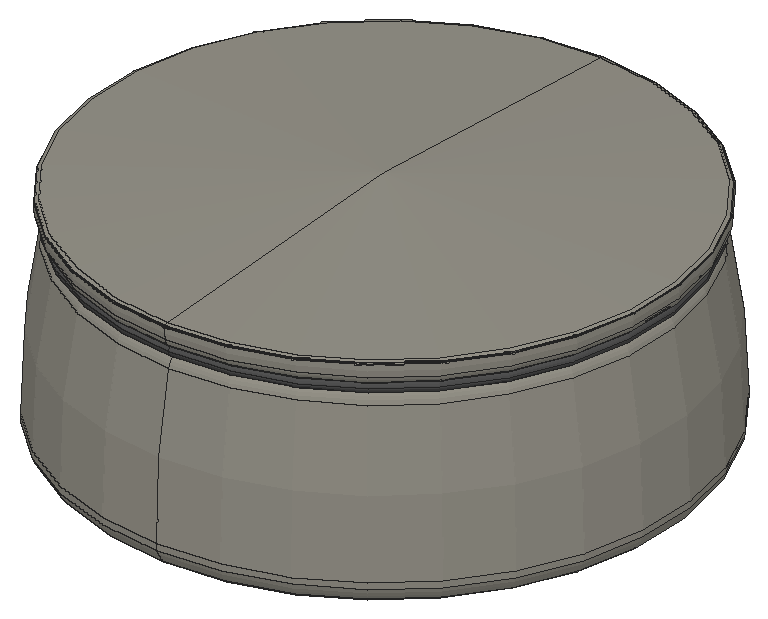
Revit family "NAU_Naughtone_Stng_Lasso_3SeatStoolWIP4", category Furniture, Revit 2016
Family settings
  OmniClass Number = 23.40.20.00
  OmniClass Title = General Furniture and Specialties
  Work Plane-Based = No
  Always vertical = Yes
  Cut with Voids When Loaded = No
  Shared = Yes
  Room Calculation Point = No
Parameters (values of type "Lasso 3 Seat Stool LAS3S 1210 x 1210 x 500 mm")
  WarrantyStartDate [instance] = "1900-12-31T23:59:59"
  WarrantyGuarantorParts = "sales@naughtone.com"
  WarrantyGuarantorLabor = "sales@naughtone.com"
  WarrantyDurationUnit = "year"
  WarrantyDurationParts = "7"
  WarrantyDurationLabor = "7"
  WarrantyDescription = "n/a"
  Version = "1"
  Uniclass2015Version = "Products v1.14"
  Uniclass2015Title = "Chairs, seats and benches"
  Uniclass2015Code = "Pr_40_50_12"
  Uniclass2 = "n/a"
  URL = "www.naughtone.com"
  TagNumber [instance] = "n/a"
  TableMaterial [instance] = NAU_Generic_Wood_Oak
  SustainabilityPerformance = "FSC certifeied, SCS indoor advantage gold"
  Style = "n/a"
  Size = "1210 x 1210 x 500 mm"
  Shape = "n/a"
  SerialNumber [instance] = "Circular"  # constant formula
  SeatingHeight [instance] = 485 mm  # constant formula
  SeatMaterial [instance] = NAU_AndrewMuirhead_Leather_Ingleston-Stone
  Revision = "n/a"
  ReplacementCost = "n/a"
  ProductInformation = "www.naughtone.com/products/lasso"
  NominalWidth = 1210 mm
  NominalLength = 1210 mm
  NominalHeight = 500 mm
  Name = "Seating_Lasso_3SeatStool_Naughtone"
  NBSTypeID = "n/a"
  NBSReference = "45-35-72/352"
  NBSOfficeMasterTag = "n/a"
  NBSDescription = "Seating"
  ModelReference = "Lasso 3 seat stool - Lasso is a collaborative seating and table system that can be easily moved to create clusters around the three seat stool."
  ModelNumber = "LAS3S"
  Model = ModelNumber  # "LAS3S"
  Material = "Fabric, plywood frame, foam, wooden table top"
  ManufacturerURL = "www.naughtone.com"
  ManufacturerName = "Naughtone"
  Manufacturer = "sales@naughtone.com"
  MainColor = Color  # "n/a"
  LowestSeatingHeight [instance] = 485 mm  # constant formula
  Keynote = Uniclass2015Code  # "Pr_40_50_12"
  IsTable = no
  InstallationDate [instance] = "1900-12-31T23:59:59"
  IfcExportType = "CHAIR"
  IfcExportAs = "IfcFurnishingElementType"
  HighestSeatingHeight [instance] = 485 mm  # constant formula
  Grade = "n/a"
  FrameMaterial = NAU_Generic_Metal_Black
  Finish = "Fabric upholstery, white/black/RAL EPC steel ring"
  Features = "n/a"
  ExpectedLife = "7"
  DurationUnit = "year"
  Description = ModelReference  # "Lasso 3 seat stool - Lasso is a collaborative seating and table system that can be easily moved to create clusters around the three seat stool."
  Constituents = "n/a"
  Color = "n/a"
  CodePerformance = "n/a"
  Category = "Pr_40_50_12 : Chairs, seats and benches"
  BarCode [instance] = "n/a"
  BIMObjectName = "NAU_Naughtone_Seating_Lasso_3SeatStool"
  Author = "BIMBox"  # constant formula
  AssetType = "Movable"
  AssetIdentifier [instance] = "n/a"
  Assembly Code = "E2020200"
  AccessibilityPerformance = "n/a"
Types (2, lengths in mm): name | Size | NominalWidth | NominalLength | NominalHeight | Name | ModelReference | ModelNumber | Model | Material | IsTable | Finish | Description | BIMObjectName
  Lasso 3 Seat Stool LAS3S 1210 x 1210 x 500 mm | "1210 x 1210 x 500 mm" | 1210 | 1210 | 500 | "Seating_Lasso_3SeatStool_Naughtone" | "Lasso 3 seat stool - Lasso is a collaborative seating and table system that can be easily moved to create clusters around the three seat stool." | "LAS3S" | "LAS3S" | "Fabric, plywood frame, foam, wooden table top" | no | "Fabric upholstery, white/black/RAL EPC steel ring" | "Lasso 3 seat stool - Lasso is a collaborative seating and table system that can be easily moved to create clusters around the three seat stool." | "NAU_Naughtone_Seating_Lasso_3SeatStool"
  Lasso 3 Seat Stool and Tables LAS3STAB 1425 x 1465 x 705 mm | "1425 x 1465 x 705 mm" | 1465 | 1425 | 705 | "Seating_Lasso_3SeatStoolandTables_Naughtone" | "Lasso 3 seat stool and tables - Lasso is a collaborative seating and table system that can be easily moved to create clusters around the three seat stool." | "LAS3STAB" | "LAS3STAB" | "Fabric, plywood frame, foam, steel ring, wooden table top" | yes | "Fabric upholstery, wooden table top with oak/walnut veneer, white/black MFMDF top with reverse chamfer, white/black/RAL EPC steel ring" | "Lasso 3 seat stool and tables - Lasso is a collaborative seating and table system that can be easily moved to create clusters around the three seat stool." | "NAU_Naughtone_Seating_Lasso_3SeatStoolandTables"
Reference planes
  plane 1 "Center (Front/Back)": y = 0
  plane 2: z = 0
  plane 3 "Center (Left/Right)": x = 0
Forms (mm)
  Revolve 1, solid, material "NAU_AndrewMuirhead_Leather_Ingleston-Stone" <- "SeatMaterial"
    sketch origin (0, 0, 0) x (0, 1, 0) y (0, 0, 1)
      loop
        arc (575.96, 454.44) -> (575.883, 455.006) -> (575.526, 455.452) r 1.073
        arc (575.526, 455.452) -> (572.382, 457.23) -> (568.918, 458.257) r 16.007
        arc (568.918, 458.257) -> (284.947, 483.245) -> (0, 491.584) r 4872.671
        line (0, 491.584) -> (0, 0) -> (512.953, 0) -> (512.953, 2) -> (492.154, 2)
        arc (492.154, 2) -> (508.01, 2.457) -> (523.862, 3.058) r 1745.645
        arc (523.862, 3.058) -> (542.184, 3.747) -> (560.498, 4.613) r 1903.554
        arc (560.498, 4.613) -> (570.99, 7.464) -> (580.052, 13.471) r 34.112
        arc (580.052, 13.471) -> (590.667, 26.182) -> (597.67, 41.189) r 64.071
        arc (597.67, 41.189) -> (598.473, 47.817) -> (598.6, 54.492) r 65.781
        arc (598.6, 54.492) -> (591.735, 213.603) -> (566.569, 370.861) r 1378.803
        arc (566.569, 370.861) -> (562.779, 380.712) -> (556.233, 388.991) r 35.115
        arc (556.233, 388.991) -> (552.442, 399.794) -> (559.164, 409.062) r 12.339
        arc (559.164, 409.062) -> (563.316, 411.661) -> (567.138, 414.725) r 42.008
        arc (567.138, 414.725) -> (571.913, 420.735) -> (574.479, 427.97) r 23.333
        arc (574.479, 427.97) -> (576.606, 440.057) -> (576.749, 452.33) r 75.593
        arc (576.749, 452.33) -> (576.361, 453.267) -> (575.424, 453.655) r 1.325
        arc (575.424, 453.655) -> (575.813, 453.965) -> (575.96, 454.44) r 0.843
      axis (0, 0) -> (0, 491.584)
    angle from 0 to 360
  Revolve 2, solid, material "NAU_Generic_Wood_Oak" <- "TableMaterial", visible <- "IsTable"
    sketch origin (2.167, -5.074, 0) x (0.869683, 0.493611, 0) y (0, 0, 1)
      loop
        line (-822.581, 698.699) -> (-822.581, 694.174) -> (-810.585, 682.178) -> (-697.181, 682.178) -> (-697.181, 679.328) -> (-658.266, 679.328) -> (-658.266, 682.328) -> (-648.039, 682.328) -> (-648.039, 700.179) -> (-821.101, 700.179) -> (-822.581, 698.699)
      axis (-648.039, 679.328) -> (-648.039, 700.179)
    angle from 0 to 360
  Sweep 3, solid, material "NAU_Generic_Metal_Black" <- "FrameMaterial", visible <- "IsTable"
    path in 3D
      loop
        line (-493.233, -286.251, 401.346) -> (-506.918, -294.019, 401.346)
        arc (-506.918, -294.019, 401.346) -> (-545.077, -315.676, 419.52) -> (-560.882, -324.647, 463.396) r 62.05
        line (-560.882, -324.647, 463.396) -> (-560.882, -324.647, 682.328)
    profile origin (-560.882, -324.647, 572.862) x (0.869683, 0.493611, 0) y (-0.493611, 0.869683, 0)
      loop
        circle (0, 0) r 11
  Revolve 4, solid, material "NAU_Generic_Wood_Oak" <- "TableMaterial", visible <- "IsTable"
    sketch origin (-5.467, 0.685, 0) x (-0.865505, 0.5009, 0) y (0, 0, -1)
      loop
        line (-822.581, -698.699) -> (-821.101, -700.179) -> (-648.039, -700.179) -> (-648.039, -682.328) -> (-658.266, -682.328) -> (-658.266, -679.328) -> (-697.181, -679.328) -> (-697.181, -682.178) -> (-810.585, -682.178) -> (-822.581, -694.174) -> (-822.581, -698.699)
      axis (-648.039, -679.328) -> (-648.039, -700.179)
    angle from 0 to 360
  Sweep 5, solid, material "NAU_Generic_Metal_Black" <- "FrameMaterial", visible <- "IsTable"
    path in 3D
      loop
        line (483.863, -282.509, 401.346) -> (501.173, -292.527, 401.346)
        arc (501.173, -292.527, 401.346) -> (539.148, -314.504, 419.52) -> (554.878, -323.608, 463.396) r 62.05
        line (554.878, -323.608, 463.396) -> (554.878, -323.608, 682.328)
    profile origin (554.878, -323.608, 572.862) x (0.869683, 0.493611, 0) y (-0.493611, 0.869683, 0)
      loop
        circle (0, 0) r 11
  Revolve 6, solid, material "NAU_Generic_Wood_Oak" <- "TableMaterial", visible <- "IsTable"
    sketch origin (-8.766, -6.586, 0) x (-0.008401, -0.999965, 0) y (0, 0, -1)
      loop
        line (-822.581, -698.699) -> (-821.101, -700.179) -> (-648.039, -700.179) -> (-648.039, -682.328) -> (-658.266, -682.328) -> (-658.266, -679.328) -> (-697.181, -679.328) -> (-697.181, -682.178) -> (-810.585, -682.178) -> (-822.581, -694.174) -> (-822.581, -698.699)
      axis (-648.039, -679.328) -> (-648.039, -700.179)
    angle from 0 to 360
  Sweep 7, solid, material "NAU_Generic_Metal_Black" <- "FrameMaterial", visible <- "IsTable"
    path in 3D
      loop
        line (-4.048, 555.036, 401.346) -> (-3.849, 578.762, 401.346)
        arc (-3.849, 578.762, 401.346) -> (-3.48, 622.637, 419.52) -> (-3.327, 640.81, 463.396) r 62.05
        line (-3.327, 640.81, 463.396) -> (-3.327, 640.81, 682.328)
    profile origin (-3.327, 640.81, 572.862) x (0.869683, 0.493611, 0) y (-0.493611, 0.869683, 0)
      loop
        circle (0, 0) r 11
  Sweep 8, solid, material "NAU_Generic_Metal_Black" <- "FrameMaterial"
    path in 3D
      loop
        arc (0, -554.983, 401.596) -> (-554.983, 0, 401.596) -> (0, 554.983, 401.596) r 554.983
        arc (0, 554.983, 401.596) -> (554.983, 0, 401.596) -> (0, -554.983, 401.596) r 554.983
    profile origin (554.983, 0, 401.596) x (1, 0, 0) y (0, 0, 1)
      loop
        circle (0, 0) r 11
Lines and regions (mm)
  sketch lines
    curve 1: line (-560.882, -324.647, 463.396) -> (-560.882, -324.647, 682.328)
    curve 2: arc (-560.882, -324.647, 463.396) -> (-545.077, -315.676, 419.52) -> (-506.918, -294.019, 401.346) r 62.05
    curve 3: line (-493.233, -286.251, 401.346) -> (-506.918, -294.019, 401.346)
    curve 4: line (554.878, -323.608, 463.396) -> (554.878, -323.608, 682.328)
    curve 5: arc (554.878, -323.608, 463.396) -> (539.148, -314.504, 419.52) -> (501.173, -292.527, 401.346) r 62.05
    curve 6: line (483.863, -282.509, 401.346) -> (501.173, -292.527, 401.346)
    curve 7: line (-3.327, 640.81, 463.396) -> (-3.327, 640.81, 682.328)
    curve 8: arc (-3.327, 640.81, 463.396) -> (-3.48, 622.637, 419.52) -> (-3.849, 578.762, 401.346) r 62.05
    curve 9: line (-4.048, 555.036, 401.346) -> (-3.849, 578.762, 401.346)
    curve 12: arc (0, 554.983, 401.596) -> (554.983, 0, 401.596) -> (0, -554.983, 401.596) r 554.983
    curve 13: arc (0, -554.983, 401.596) -> (-554.983, 0, 401.596) -> (0, 554.983, 401.596) r 554.983
  model lines
    curve 10: arc (0, 554.983, 401.596) -> (554.983, 0, 401.596) -> (0, -554.983, 401.596) r 554.983
    curve 11: arc (0, -554.983, 401.596) -> (-554.983, 0, 401.596) -> (0, 554.983, 401.596) r 554.983
Dimensions and locks
  aligned and locked: level to plane 2
